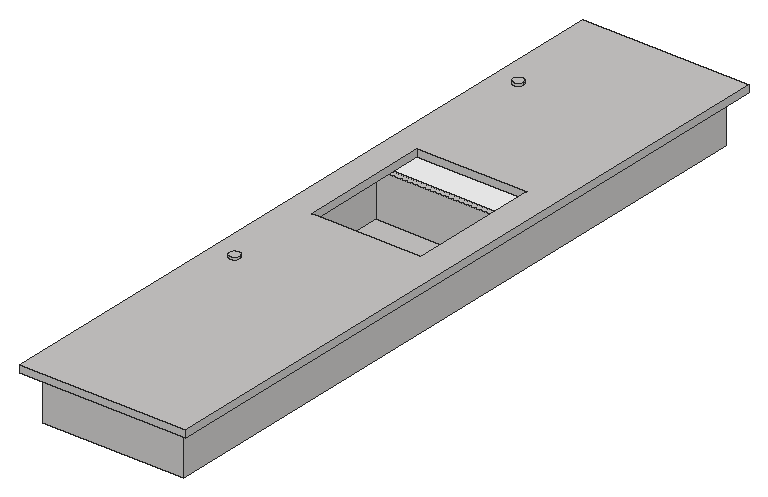
Revit family "rba-bim-B38034", category Specialty Equipment, host Face, Revit 2018
Family settings
  Host = Face
  Round Connector Dimension = Use Diameter
  Part Type = Normal
  OmniClass Number = 23.40.20.21.17
  OmniClass Title = Paper Towel Dispensers, Disposal Units
  Cut with Voids When Loaded = No
  Shared = Yes
  Room Calculation Point = No
Parameters (values of type "B-38034")
  URL = "www.rba.com.au"
  Type Comments = "Satin Finish"
  Product Page URL = ""
  Product Name = "Recessed Paper Towel Dispenser And Waste Receptacle"
  Modified Issue = "20200831.01"
  Model = "B38034"
  Materials and Finishes = Stainless Steel Satin Finish
  Manufacturer = "Bobrick Washroom Equipment"
  Description = "Recessed Paper Towel Dispenser And Waste Receptacle"
  Default Elevation = 1.2192 m
  Copyright by = "RBA Group"  # constant formula
  Assembly Code = "C1030200"
  ADA Compliant = yes
Reference planes (m)
  plane 1 "Center (Front/Back)": y = 0
  plane 2: z = 0
  plane 3 "Center (Left/Right)": x = 0
  plane 4 "Top": y = 0.700087
  plane 5 "Bottom": y = -0.700088
  plane 6 "Left": x = -0.1651
  plane 7 "Right": x = 0.1651
  plane 8: x = 0.1397
  plane 9: x = -0.1397
  plane 10: y = -0.674688
  plane 11: y = 0.674687
  plane 12: y = -0.223838
  plane 13: y = -0.04445
  plane 14: y = 0.219075
  plane 15: y = 0.4826
  plane 16: x = -0.119062
  plane 17: x = -0.109537
  plane 18: x = 0.10795
  plane 19: y = 0.206375
  plane 20: y = 0.179387
  plane 21: y = 0.160337
  plane 22: y = 0.150812
  plane 23: z = 0.014287
  plane 24: z = -0.092075
  plane 25: z = -0.090488
  plane 26: z = 0.017462
Forms (m)
  Extrusion 1, void
    sketch origin (0, 0, 0) x (1, 0, 0) y (0, 1, 0)
      loop
        line (-0.1397, 0.674687) -> (-0.1397, -0.674688) -> (0.1397, -0.674688) -> (0.1397, 0.674687) -> (-0.1397, 0.674687)
    from -0.092075 to 0
  Extrusion 2, solid, material "Stainless Steel Satin Finish"
    sketch origin (0, 0, 0) x (1, 0, 0) y (0, 1, 0)
      loop
        line (-0.1397, 0.674687) -> (-0.1397, -0.674688) -> (0.1397, -0.674688) -> (0.1397, 0.674687) -> (-0.1397, 0.674687)
    from -0.092075 to -0.090488
  Extrusion 3, solid, material "Stainless Steel Satin Finish"
    sketch origin (0, 0, 0) x (1, 0, 0) y (0, 1, 0)
      loop
        line (-0.1397, 0.674687) -> (-0.1397, -0.674688) -> (0.1397, -0.674688) -> (0.1397, 0.674687) -> (-0.1397, 0.674687)
      loop
        line (-0.138112, 0.6731) -> (-0.138112, -0.6731) -> (0.138113, -0.6731) -> (0.138113, 0.6731) -> (-0.138112, 0.6731)
    from -0.092075 to 0
  Extrusion 4, solid, material "Stainless Steel Satin Finish"
    sketch origin (0, 0, 0) x (1, 0, 0) y (0, 1, 0)
      loop
        line (-0.138112, 0.160337) -> (-0.138112, 0.150812) -> (0.138113, 0.150812) -> (0.138113, 0.160337) -> (-0.138112, 0.160337)
    from -0.092075 to 0
  Extrusion 5, solid, material "Stainless Steel Satin Finish"
    sketch origin (0, 0, 0) x (1, 0, 0) y (0, 1, 0)
      loop
        line (-0.1651, 0.700087) -> (-0.1651, -0.700088) -> (0.1651, -0.700088) -> (0.1651, 0.700087) -> (-0.1651, 0.700087)
      loop
        line (-0.109537, 0.219075) -> (-0.109537, -0.04445) -> (0.10795, -0.04445) -> (0.10795, 0.219075) -> (-0.109537, 0.219075)
    from 0 to 0.014287
  Extrusion 6, solid, material "Paper Towel - Bobrick", detail levels fine
    sketch origin (0, 0, 0) x (1, 0, 0) y (0, 1, 0)
      loop
        line (-0.109537, 0.219075) -> (-0.109537, 0.160337) -> (0.10795, 0.160337) -> (0.10795, 0.219075) -> (-0.109537, 0.219075)
    from -0.090488 to 0
  Extrusion 7, solid, material "Stainless Steel Satin Finish"
    sketch origin (0, 0, 0) x (1, 0, 0) y (0, 1, 0)
      loop
        circle (-0.119062, 0.4826) r 0.010319
    from 0.014287 to 0.017462
  Extrusion 8, solid, material "Stainless Steel Satin Finish"
    sketch origin (0, -0.706438, 0) x (1, 0, 0) y (0, 1, 0)
      loop
        circle (-0.119062, 0.4826) r 0.010319
    from 0.014287 to 0.017462
Cuts and joins
  joined: Extrusion 2, Extrusion 3, Extrusion 4
Lines and regions (m)
  Split face 1
    outline origin (0, 0, 0) x (1, 0, 0) y (0, 1, 0)
      loop
        line (-0.109537, 0.179387) -> (-0.079375, 0.179387)
        arc (-0.079375, 0.179387) -> (-0.000794, 0.206377) -> (0.077788, 0.179387) r 0.12789
        line (0.077788, 0.179387) -> (0.10795, 0.179387)
  Masking region 1
    outline origin (0, 0, 0.017462) x (1, 0, 0) y (0, 1, 0)
      loop
        line (-0.1651, 0.700087) -> (-0.1651, -0.700088) -> (0.1651, -0.700088) -> (0.1651, 0.700087) -> (-0.1651, 0.700087)
  Masking region 2, detail levels fine
    outline origin (0, 0, 0.017462) x (1, 0, 0) y (0, 1, 0)
      loop
        circle (-0.119062, -0.223838) r 0.010319
  Masking region 3
    outline origin (0, 0, 0) x (1, 0, 0) y (0, 0, 1)
      loop
        line (-0.1651, 0.014287) -> (-0.1651, 0) -> (0.1651, 0) -> (0.1651, 0.014287) -> (-0.1651, 0.014287)
  Masking region 4, detail levels fine
    outline origin (0, 0, 0) x (1, 0, 0) y (0, 0, 1)
      loop
        line (-0.129381, 0.017462) -> (-0.129381, 0.014287) -> (-0.108744, 0.014287) -> (-0.108744, 0.017462) -> (-0.129381, 0.017462)
  Masking region 5
    outline origin (0, 0, 0) x (0, 1, 0) y (0, 0, 1)
      loop
        line (0.700087, 0.014287) -> (-0.700088, 0.014287) -> (-0.700088, 0) -> (0.700087, 0) -> (0.700087, 0.014287)
  Masking region 6, detail levels fine
    outline origin (0, 0, 0) x (0, 1, 0) y (0, 0, 1)
      loop
        line (0.492919, 0.017462) -> (0.472281, 0.017462) -> (0.472281, 0.014287) -> (0.492919, 0.014287) -> (0.492919, 0.017462)
  Masking region 7, detail levels fine
    outline origin (0, 0, 0) x (0, 1, 0) y (0, 0, 1)
      loop
        line (-0.213519, 0.017462) -> (-0.234156, 0.017462) -> (-0.234156, 0.014287) -> (-0.213519, 0.014287) -> (-0.213519, 0.017462)
  model lines, style "Paper Towel Dispenser"
    curve 1: spline (-0.119062, 0.47625, 0.017462) -> (-0.118754, 0.476466, 0.017462) -> (-0.118467, 0.477101, 0.017462) -> (-0.118221, 0.47811, 0.017462) -> (-0.118031, 0.479425, 0.017462) -> (-0.117912, 0.480956, 0.017462) -> (-0.117872, 0.4826, 0.017462) -> (-0.117912, 0.484244, 0.017462) -> (-0.118031, 0.485775, 0.017462) -> (-0.118221, 0.48709, 0.017462) -> (-0.118467, 0.488099, 0.017462) -> (-0.118754, 0.488734, 0.017462) -> (-0.119062, 0.48895, 0.017462) -> (-0.119371, 0.488734, 0.017462) -> (-0.119658, 0.488099, 0.017462) -> (-0.119904, 0.48709, 0.017462) -> (-0.120094, 0.485775, 0.017462) -> (-0.120213, 0.484244, 0.017462) -> (-0.120253, 0.4826, 0.017462) -> (-0.120213, 0.480956, 0.017462) -> (-0.120094, 0.479425, 0.017462) -> (-0.119904, 0.47811, 0.017462) -> (-0.119658, 0.477101, 0.017462) -> (-0.119371, 0.476466, 0.017462) -> (-0.119062, 0.47625, 0.017462)
    curve 2: spline (-0.119062, -0.230188, 0.017462) -> (-0.118754, -0.229971, 0.017462) -> (-0.118467, -0.229337, 0.017462) -> (-0.118221, -0.228328, 0.017462) -> (-0.118031, -0.227013, 0.017462) -> (-0.117912, -0.225481, 0.017462) -> (-0.117872, -0.223838, 0.017462) -> (-0.117912, -0.222194, 0.017462) -> (-0.118031, -0.220663, 0.017462) -> (-0.118221, -0.219347, 0.017462) -> (-0.118467, -0.218338, 0.017462) -> (-0.118754, -0.217704, 0.017462) -> (-0.119062, -0.217488, 0.017462) -> (-0.119371, -0.217704, 0.017462) -> (-0.119658, -0.218338, 0.017462) -> (-0.119904, -0.219347, 0.017462) -> (-0.120094, -0.220663, 0.017462) -> (-0.120213, -0.222194, 0.017462) -> (-0.120253, -0.223838, 0.017462) -> (-0.120213, -0.225481, 0.017462) -> (-0.120094, -0.227013, 0.017462) -> (-0.119904, -0.228328, 0.017462) -> (-0.119658, -0.229337, 0.017462) -> (-0.119371, -0.229971, 0.017462) -> (-0.119062, -0.230188, 0.017462)
  symbolic lines, style "Paper Towel Dispenser", detail levels medium+fine
    curve 3: line (-0.109537, 0.219075, 0.017462) -> (0.10795, 0.219075, 0.017462)
    curve 4: line (-0.109537, -0.04445, 0.017462) -> (-0.109537, 0.219075, 0.017462)
    curve 5: line (0.10795, -0.04445, 0.017462) -> (-0.109537, -0.04445, 0.017462)
    curve 6: line (0.10795, 0.219075, 0.017462) -> (0.10795, -0.04445, 0.017462)
  symbolic lines, style "Paper Towel Dispenser", detail levels fine
    curve 7: line (-0.109537, 0.150812, 0.017462) -> (0.10795, 0.150812, 0.017462)
    curve 8: line (-0.109537, 0.160337, 0.017462) -> (0.10795, 0.160337, 0.017462)
    curve 9: line (-0.109537, 0.179387, 0.017462) -> (-0.079375, 0.179387, 0.017462)
    curve 10: line (0.10795, 0.179387, 0.017462) -> (0.077788, 0.179387, 0.017462)
    curve 11: arc (-0.079375, 0.179387, 0.017462) -> (-0.000794, 0.206377, 0.017462) -> (0.077788, 0.179387, 0.017462) r 0.12789
    curve 12: spline (-0.119062, -0.230188, 0.017462) -> (-0.118754, -0.229971, 0.017462) -> (-0.118467, -0.229337, 0.017462) -> (-0.118221, -0.228328, 0.017462) -> (-0.118031, -0.227013, 0.017462) -> (-0.117912, -0.225481, 0.017462) -> (-0.117872, -0.223838, 0.017462) -> (-0.117912, -0.222194, 0.017462) -> (-0.118031, -0.220663, 0.017462) -> (-0.118221, -0.219347, 0.017462) -> (-0.118467, -0.218338, 0.017462) -> (-0.118754, -0.217704, 0.017462) -> (-0.119062, -0.217488, 0.017462) -> (-0.119371, -0.217704, 0.017462) -> (-0.119658, -0.218338, 0.017462) -> (-0.119904, -0.219347, 0.017462) -> (-0.120094, -0.220663, 0.017462) -> (-0.120213, -0.222194, 0.017462) -> (-0.120253, -0.223838, 0.017462) -> (-0.120213, -0.225481, 0.017462) -> (-0.120094, -0.227013, 0.017462) -> (-0.119904, -0.228328, 0.017462) -> (-0.119658, -0.229337, 0.017462) -> (-0.119371, -0.229971, 0.017462) -> (-0.119062, -0.230188, 0.017462)
    curve 13: arc (-0.108744, 0.4826, 0.017462) -> (-0.119062, 0.492919, 0.017462) -> (-0.129381, 0.4826, 0.017462) r 0.010319
    curve 14: arc (-0.129381, 0.4826, 0.017462) -> (-0.119062, 0.472281, 0.017462) -> (-0.108744, 0.4826, 0.017462) r 0.010319
    curve 15: spline (-0.119062, 0.47625, 0.017462) -> (-0.118754, 0.476466, 0.017462) -> (-0.118467, 0.477101, 0.017462) -> (-0.118221, 0.47811, 0.017462) -> (-0.118031, 0.479425, 0.017462) -> (-0.117912, 0.480956, 0.017462) -> (-0.117872, 0.4826, 0.017462) -> (-0.117912, 0.484244, 0.017462) -> (-0.118031, 0.485775, 0.017462) -> (-0.118221, 0.48709, 0.017462) -> (-0.118467, 0.488099, 0.017462) -> (-0.118754, 0.488734, 0.017462) -> (-0.119062, 0.48895, 0.017462) -> (-0.119371, 0.488734, 0.017462) -> (-0.119658, 0.488099, 0.017462) -> (-0.119904, 0.48709, 0.017462) -> (-0.120094, 0.485775, 0.017462) -> (-0.120213, 0.484244, 0.017462) -> (-0.120253, 0.4826, 0.017462) -> (-0.120213, 0.480956, 0.017462) -> (-0.120094, 0.479425, 0.017462) -> (-0.119904, 0.47811, 0.017462) -> (-0.119658, 0.477101, 0.017462) -> (-0.119371, 0.476466, 0.017462) -> (-0.119062, 0.47625, 0.017462)
Dimensions and locks (m)
  equal spacing: plane 5 "Bottom", plane 1 "Center (Front/Back)", plane 4 "Top"
  locked: plane 4 "Top" to plane 5 "Bottom" at 1.400175
  equal spacing: plane 6 "Left", plane 3 "Center (Left/Right)", plane 7 "Right"
  locked: plane 6 "Left" to plane 7 "Right" at 0.3302
  equal spacing: plane 9, plane 3 "Center (Left/Right)", plane 8
  locked: plane 9 to plane 8 at 0.2794
  locked: plane 5 "Bottom" to plane 10 at 0.0254
  locked: plane 4 "Top" to plane 11 at 0.0254
  locked: plane 5 "Bottom" to plane 12 at 0.47625
  locked: plane 5 "Bottom" to plane 13 at 0.655638
  locked: plane 13 to plane 14 at 0.263525
  locked: plane 4 "Top" to plane 15 at 0.217487
  locked: plane 6 "Left" to plane 16 at 0.046037
  locked: plane 6 "Left" to plane 17 at 0.055562
  locked: plane 18 to plane 7 "Right" at 0.05715
  locked: plane 19 to plane 14 at 0.0127
  locked: plane 20 to plane 19 at 0.026987
  locked: plane 21 to plane 20 at 0.01905
  locked: plane 22 to plane 21 at 0.009525
  locked: plane 23 to plane 2 at 0.014288
  locked: plane 2 to plane 24 at 0.092075
  locked: plane 25 to plane 24 at 0.001587
  locked: Extrusion 2 to Extrusion 3 sketch curve at 0.001588  (x2)
  locked: Extrusion 3 sketch curve to Extrusion 2 at 0.001587
  locked: Extrusion 2 to Extrusion 3 sketch curve at 0.001587
  locked: plane 26 to plane 23 at 0.003175
  aligned and locked: host face to plane 2
  aligned and locked: level to host face
  aligned and locked: plane 11 to Extrusion 1 sketch curve
  aligned and locked: plane 9 to Extrusion 1 sketch curve
  aligned and locked: Extrusion 1 sketch curve to plane 10
  aligned and locked: plane 8 to Extrusion 1 sketch curve
  aligned and locked: Extrusion 1 to plane 24
  aligned and locked: plane 2 to Extrusion 1
  aligned and locked: plane 11 to Extrusion 2 sketch curve
  aligned and locked: plane 9 to Extrusion 2 sketch curve
  aligned and locked: Extrusion 2 sketch curve to plane 10
  aligned and locked: plane 8 to Extrusion 2 sketch curve
  aligned and locked: Extrusion 2 to plane 24
  aligned and locked: plane 25 to Extrusion 2
  aligned and locked: Extrusion 3 sketch curve to Extrusion 2  (x4)
  aligned and locked: Extrusion 3 to plane 24
  aligned and locked: plane 2 to Extrusion 3
  aligned and locked: plane 21 to Extrusion 4 sketch curve
  aligned and locked: cut or joined group of Extrusion 2, Extrusion 3, Extrusion 4 to Extrusion 4 sketch curve  (x2)
  aligned and locked: Extrusion 4 sketch curve to plane 22
  aligned and locked: Extrusion 4 to plane 24
  aligned and locked: plane 2 to Extrusion 4
  aligned and locked: Extrusion 5 sketch curve to plane 4 "Top"
  aligned and locked: plane 6 "Left" to Extrusion 5 sketch curve
  aligned and locked: Extrusion 5 sketch curve to plane 5 "Bottom"
  aligned and locked: plane 7 "Right" to Extrusion 5 sketch curve
  aligned and locked: plane 14 to Extrusion 5 sketch curve
  aligned and locked: plane 17 to Extrusion 5 sketch curve
  aligned and locked: Extrusion 5 sketch curve to plane 13
  aligned and locked: plane 18 to Extrusion 5 sketch curve
  aligned and locked: Extrusion 5 to plane 2
  aligned and locked: plane 23 to Extrusion 5
  aligned and locked: Extrusion 6 sketch curve to Extrusion 5
  aligned and locked: Extrusion 5 to Extrusion 6 sketch curve
  aligned and locked: Extrusion 6 sketch curve to plane 21
  aligned and locked: plane 18 to Extrusion 6 sketch curve
  aligned and locked: Extrusion 6 to plane 25
  aligned and locked: plane 2 to Extrusion 6
  aligned and locked: Extrusion 7 to plane 23
  aligned and locked: plane 26 to Extrusion 7
  aligned and locked: Extrusion 8 to plane 23
  aligned and locked: Extrusion 8 to Extrusion 7
  aligned and locked: Masking region 1 sketch curve to Extrusion 5  (x4)
  aligned and locked: curve 3 to Extrusion 5
  aligned and locked: curve 4 to Extrusion 5
  aligned and locked: curve 5 to Extrusion 5
  aligned and locked: curve 6 to Extrusion 5
  aligned and locked: plane 22 to curve 7
  aligned and locked: curve 9 to Extrusion 6
  aligned and locked: curve 10 to Extrusion 6
  aligned and locked: curve 11 to Split face 1
  aligned and locked: Masking region 2 sketch curve to Extrusion 8  (x2)
  aligned and locked: curve 13 to Extrusion 7
  aligned and locked: curve 14 to Extrusion 7
  aligned and locked: Masking region 3 sketch curve to Extrusion 5  (x4)
  aligned and locked: Masking region 4 sketch curve to Extrusion 7  (x4)
  aligned and locked: Masking region 5 sketch curve to Extrusion 5  (x4)
  aligned and locked: Masking region 6 sketch curve to Extrusion 7  (x2)
  aligned and locked: Masking region 7 sketch curve to Extrusion 8  (x2)
Automatic sketch dimensions
  host sketch curve to host sketch curve = 2.4384 m  (x2)
  Split face 1 sketch curve to Extrusion 6 = 0.000 m  (x2)
  Split face 1 sketch curve to Extrusion 6 = 0.030162 m  (x2)
  Split face 1 sketch curve to Extrusion 6 = 0.108744 m
  Split face 1 sketch curve to Extrusion 6 = 0.01905 m
  Extrusion 6 to Split face 1 sketch curve = 0.08185 m
  plane 15 to Extrusion 7 sketch curve = 0.000 m
  Extrusion 7 sketch curve to plane 16 = 0.000 m
  plane 12 to Extrusion 8 sketch curve = 0.000 m
  Extrusion 8 sketch curve to plane 16 = 0.000 m
  curve 2 to curve 2 = 0.00635 m
  curve 15 to curve 13 = 0.000 m  (x2)
  curve 1 to curve 15 = 0.000 m  (x2)
  curve 12 to curve 4 = 0.009525 m
  curve 12 to curve 4 = 0.179387 m
  curve 12 to curve 12 = 0.00635 m
  curve 7 to curve 8 = 0.009525 m
  curve 1 to curve 13 = 0.00635 m
  curve 15 to curve 1 = 0.000 m
  plane 15 to Masking region 6 sketch curve = 0.010319 m
  Masking region 6 sketch curve to plane 15 = 0.010319 m
  plane 12 to Masking region 7 sketch curve = 0.010319 m
  Masking region 7 sketch curve to plane 12 = 0.010319 m
  radius of Extrusion 7 sketch curve = 0.010319 m
  radius of Extrusion 8 sketch curve = 0.010319 m
